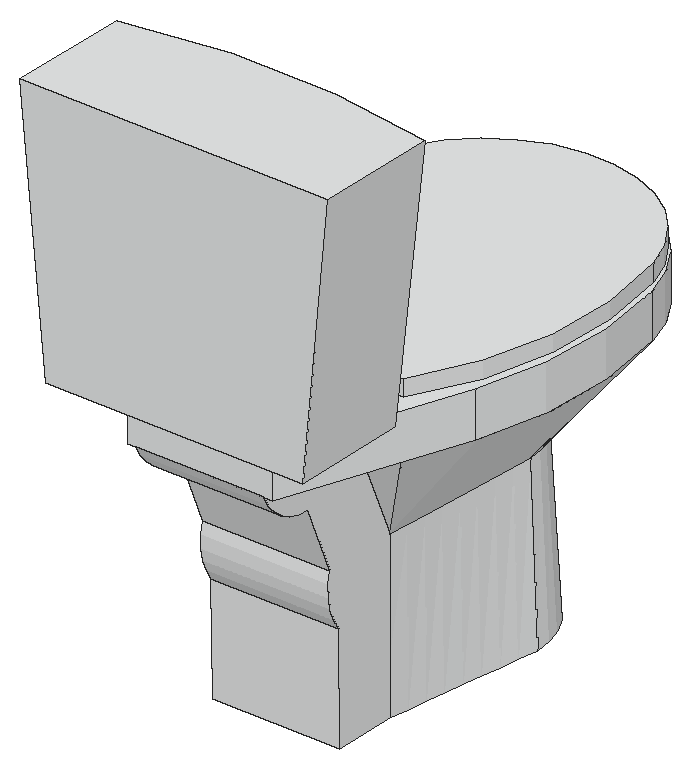
Revit family "Bacia_Com_Caixa", category Plumbing Fixtures, host Wall, Revit 2025
Family settings
  Host = Wall
  Round Connector Dimension = Use Diameter
  Part Type = Normal
  OmniClass Number = 23.45.00.00
  OmniClass Title = Sanitary, Laundry, and Cleaning Equipment
  Enable Cutting in Views = No
  Always vertical = Yes
  Cut with Voids When Loaded = No
  Maintain Annotation Orientation = No
  Shared = No
  Room Calculation Point = Yes
Parameters
  Desloca_Esgoto = 327 mm
  Desloca_Conexão_Agua = 150 mm
  Default Elevation = 0 mm
  Caixa = CT_Louças_Brancas
  Bacia = CT_Louças_Brancas
  Altura_Conexão_Agua = 150 mm
Reference planes
  plane 1: y = 0
  plane 2 "Center (Left/Right)": x = 125
  plane 3 "FaceParede": y = 50
  plane 4: y = 375
Text (mm)
  text "Placement side" at (-1787.139, 592.35, 0), in view "Ref. Level"
  text "Placement side" at (0, 1827.695, 2917.686), in view "Left"
  text "Placement side" at (0, 562.268, 3853.606), in view "Right"
Dimensions and locks
  locked: plane 3 "FaceParede" to host wall
  "Altura_Conexão_Agua": level to connector elem
  "Desloca_Conexão_Agua": connector elem to plane 2 "Center (Left/Right)"
  locked: connector elem to plane 2 "Center (Left/Right)"
  "Desloca_Esgoto": connector elem to host wall
  aligned and locked: plane 1 to host wall
  aligned and locked: nested 1 to plane 2 "Center (Left/Right)"
  aligned and locked: nested 1 to level
Nested families
  nested 1: "bacia com caixa acoplada" at (125, 50, 0) x (-1, 0, 0) z (0, 1, 0), type "Bacia com Caixa Acoplada"
  nested 2: "assento" at (125, 260.625, 380) x (-1, 0, 0) z (0, 1, 0), type "Assento"
  nested 3: "caixa" at (120, 60, 380) x (-1, 0, 0) z (0, 1, 0), type "caixa"
    with Caixa CT_Louças_Brancas
Connectors
  piping at (275, 50, 150), diameter 15
    settings: on plane 3 "FaceParede", index 5, connector inside diameter 609.6 mm, connector length 0 mm, flow factor 0, pipe flow 0.0 L/s, pressure drop 0.0 Pa, fitting loss kfactor 0, connector angle 0.00°, fixture units 0, engagement length 0 mm, angle of deflection 0.00°, flow configuration 0, flow direction 1, fitting loss method 0, system type 20, joint type 0, gender type 0, connector reference index -1, connector utility 0, adjustable connector no, is connector primary yes, connector description "Alimentação de água"
  piping at (125, 377, 0), diameter 100
    settings: index 6, connector inside diameter 609.6 mm, connector length 0 mm, flow factor 0, pipe flow 0.0 L/s, pressure drop 0.0 Pa, fitting loss kfactor 0, connector angle 0.00°, fixture units 0, engagement length 0 mm, angle of deflection 0.00°, flow configuration 0, flow direction 2, fitting loss method 0, system type 16, joint type 0, gender type 0, connector reference index -1, connector utility 0, adjustable connector no, is connector primary no, connector description "Saída de Esgoto"
Definition of nested family "bacia com caixa acoplada"
  Parameters (values of type "Bacia com Caixa Acoplada")
    WFU = 0
    URL = ""
    Model = ""
    Manufacturer = ""
    Description = ""
    Default Elevation = 0 mm
    Caixa = none
    CWFU = 0
    Bacia = none
    Assembly Code = ""
  Reference planes
    plane 1 "Center (Front/Back)": y = 0
    plane 2: z = 0
    plane 3 "Center (Left/Right)": x = 0
    plane 4 "Top 1": y = 200
    plane 5: y = 0
    plane 6 "Front 2": z = 179.972
    plane 7 "Top 2": y = 380
    plane 8 "Left 1": x = -150
    plane 9 "Top 3": y = 743.012
    plane 10 "Left 2": x = -197.5
    plane 11 "Right 1": x = 197.5
    plane 12 "Front 4": z = 650
    plane 13 "Front 1": z = 10
    plane 14 "Front 3": z = 300
  Forms (mm)
    Extrusion 1, solid
      sketch origin (0, 0, 0) x (1, 0, 0) y (0, 1, 0)
        loop
          line (-360, 880) -> (-360, -168.512) -> (358.293, -168.512) -> (358.293, 880) -> (-360, 880)
      from 0 to -104.332
    Extrusion 2, solid, not visible
      sketch origin (0, 0, 0) x (1, 0, 0) y (0, 1, 0)
        loop
          circle (-150, 200) r 6.35
      from -5.491 to 0
    Blend 3, solid, material <- "Bacia"
      base sketch origin (0, 0, 67.5) x (1, 0, 0) y (0, 0, 1)
        loop
          line (-77.085, 168.189) -> (77.731, 168.189) -> (88.783, 368.189)
          arc (88.783, 368.189) -> (0, 453.826) -> (-88.783, 368.189) r 88.841
          line (-88.783, 368.189) -> (-77.085, 168.189)
      top sketch origin (0, 0, 67.5) x (1, 0, 0) y (0, 0, 1)
        loop
          line (-133.652, 115) -> (133.652, 115)
          arc (133.652, 115) -> (185.439, 274.944) -> (176.577, 442.83) r 462.076
          arc (176.577, 442.83) -> (0, 582.024) -> (-176.577, 442.83) r 181.597
          arc (-176.577, 442.83) -> (-185.439, 274.944) -> (-133.652, 115) r 462.076
      from -200 to -325
    Extrusion 4, solid, material <- "Bacia"
      sketch origin (0, 0, 65) x (1, 0, 0) y (0, 0, 1)
        loop
          line (-88.302, -21.612) -> (88.302, -21.612) -> (165.51, 190.929)
          arc (165.51, 190.929) -> (188.914, 317.352) -> (176.577, 445.33) r 462.076
          arc (176.577, 445.33) -> (0, 584.524) -> (-176.577, 445.33) r 181.597
          arc (-176.577, 445.33) -> (-188.914, 317.352) -> (-165.51, 190.929) r 462.076
          line (-165.51, 190.929) -> (-88.302, -21.612)
      from -380 to -325
    Extrusion 5, solid, material <- "Bacia"
      sketch origin (0, 0, 65) x (0, 1, 0) y (0, 0, 1)
        loop
          line (0, 95) -> (131.286, 92.337)
          arc (131.286, 92.337) -> (164.162, 78.039) -> (200, 78.98) r 82.785
          line (200, 78.98) -> (281.246, 46.155)
          arc (281.246, 46.155) -> (292.573, 5.459) -> (325, -21.612) r 71.045
          line (325, -21.612) -> (325, 117.5) -> (200, 170.689) -> (0, 170.689) -> (0, 95)
      from -77.102 to 77.652
    Blend 6, solid, material <- "Bacia"
      base sketch origin (0, 0, 65) x (1, 0, 0) y (0, 0, 1)
        loop
          line (77.731, 170.689) -> (105.192, 359.531)
          arc (105.192, 359.531) -> (0, 464.722) -> (-105.192, 359.531) r 105.192
          line (-105.192, 359.531) -> (-77.085, 170.689) -> (77.731, 170.689)
      top sketch origin (0, 0, 65) x (1, 0, 0) y (0, 0, 1)
        loop
          line (-77.085, 170.689) -> (77.731, 170.689) -> (88.783, 370.689)
          arc (88.783, 370.689) -> (0, 456.326) -> (-88.783, 370.689) r 88.841
          line (-88.783, 370.689) -> (-77.085, 170.689)
      from 0 to -200
    Extrusion 7, solid, material <- "Bacia", not visible
      sketch origin (0, 0, 0) x (1, 0, 0) y (0, 0, 1)
        loop
          circle (0, 300) r 50
      from 0 to -10.753
  Cuts and joins
    joined: Extrusion 5, Blend 6
  Lines and regions (mm)
    Masking region 1
      outline origin (0, -1000, 65) x (0, 1, 0) y (0, 0, 1)
        loop
          line (1000, 83.617) -> (1089.643, 83.617)
          arc (1089.643, 83.617) -> (1100.346, 84.44) -> (1110.798, 86.89) r 69.997
          arc (1110.798, 86.89) -> (1115.35, 88.664) -> (1119.636, 91.01) r 37.833
          arc (1119.636, 91.01) -> (1126.997, 93.148) -> (1134.358, 91.009) r 13.737
          arc (1134.358, 91.009) -> (1138.854, 87.942) -> (1143.409, 84.965) r 274.141
          arc (1143.409, 84.965) -> (1172.285, 73.876) -> (1203.192, 75.045) r 76.995
          arc (1203.192, 75.045) -> (1204.332, 75.155) -> (1205.457, 74.938) r 4
          line (1205.457, 74.938) -> (1288.231, 42.957)
          arc (1288.231, 42.957) -> (1290.404, 40.996) -> (1290.713, 38.086) r 4.094
          arc (1290.713, 38.086) -> (1301.753, -9.653) -> (1344.759, -33.135) r 59.833
          line (1344.759, -33.135) -> (1356.478, -33.712)
          arc (1356.478, -33.712) -> (1357.184, -33.799) -> (1357.869, -33.986) r 4.911
          line (1357.869, -33.986) -> (1374.738, -34.87)
          arc (1374.738, -34.87) -> (1378.138, -33.798) -> (1380, -30.759) r 5.089
          line (1380, -30.759) -> (1380, -39.352)
          arc (1380, -39.352) -> (1384.393, -49.959) -> (1395, -54.352) r 15
          line (1395, -54.352) -> (1702, -54.352)
          arc (1702, -54.352) -> (1704.179, -53.414) -> (1705.005, -51.186) r 3
          arc (1705.005, -51.186) -> (1706.055, -53.304) -> (1708.314, -54.004) r 3
          line (1708.314, -54.004) -> (1724.684, -52.283)
          arc (1724.684, -52.283) -> (1734.012, -47.625) -> (1738.102, -38.034) r 15.109
          arc (1738.102, -38.034) -> (1739.208, -14.467) -> (1739.843, 9.117) r 1181.252
          line (1739.843, 9.117) -> (1743.012, 9.117) -> (1743.012, 49.117) -> (1739.843, 49.117)
          arc (1739.843, 49.117) -> (1739.139, 74.511) -> (1737.89, 99.884) r 1181.252
          arc (1737.89, 99.884) -> (1733.758, 109.353) -> (1724.484, 113.904) r 15.001
          line (1724.484, 113.904) -> (1708.314, 115.604)
          arc (1708.314, 115.604) -> (1705.993, 114.85) -> (1705, 112.62) r 3
          line (1705, 112.62) -> (1705, 103.889)
          arc (1705, 103.889) -> (1704.137, 105.995) -> (1702.043, 106.889) r 3
          arc (1702.043, 106.889) -> (1547.993, 103.248) -> (1394.086, 95.688) r 6057.139
          arc (1394.086, 95.688) -> (1384.125, 91.563) -> (1379.999, 81.602) r 14.087
          line (1379.999, 81.602) -> (1379.999, 578.13)
          arc (1379.999, 578.13) -> (1379.603, 579.997) -> (1378.536, 581.58) r 5
          line (1378.536, 581.58) -> (1376.556, 583.561)
          arc (1376.556, 583.561) -> (1374.821, 584.679) -> (1372.782, 585) r 5
          line (1372.782, 585) -> (1327.409, 582.622)
          arc (1327.409, 582.622) -> (1325.614, 581.87) -> (1324.659, 580.175) r 3.001
          line (1324.659, 580.175) -> (1323.546, 573.864)
          arc (1323.546, 573.864) -> (1323.145, 572.811) -> (1322.384, 571.98) r 3
          line (1322.384, 571.98) -> (1315.324, 566.835)
          arc (1315.324, 566.835) -> (1270.818, 528.245) -> (1232.462, 483.537) r 400.003
          arc (1232.462, 483.537) -> (1230.577, 480.959) -> (1228.713, 478.366) r 400
          arc (1228.713, 478.366) -> (1215.458, 463.894) -> (1198.352, 454.277) r 62.136
          arc (1198.352, 454.277) -> (1181.419, 449.381) -> (1163.793, 449.455) r 61.918
          line (1163.793, 449.455) -> (1000, 468.117) -> (1000, 83.617)
    Masking region 2
      outline origin (0, 0, 179.972) x (1, 0, 0) y (0, 1, 0)
        loop
          arc (155.578, 393.059) -> (173.252, 547.202) -> (186.522, 701.786) r 5438.952
          arc (186.522, 701.786) -> (185.725, 704.044) -> (183.53, 705) r 3
          line (183.53, 705) -> (194.576, 705)
          arc (194.576, 705) -> (196.806, 705.993) -> (197.56, 708.314) r 3
          line (197.56, 708.314) -> (196.334, 719.973)
          arc (196.334, 719.973) -> (192.087, 728.948) -> (183.165, 733.303) r 15
          arc (183.165, 733.303) -> (101.636, 737.94) -> (20, 739.929) r 2516.009
          line (20, 739.929) -> (20, 743.012) -> (-20, 743.012) -> (-20, 739.931)
          arc (-20, 739.931) -> (-100.835, 737.981) -> (-181.567, 733.434) r 2516.009
          arc (-181.567, 733.434) -> (-190.989, 729.282) -> (-195.515, 720.033) r 15
          line (-195.515, 720.033) -> (-196.746, 708.314)
          arc (-196.746, 708.314) -> (-195.992, 705.993) -> (-193.763, 705) r 3
          line (-193.763, 705) -> (-184.068, 705)
          arc (-184.068, 705) -> (-186.269, 704.039) -> (-187.06, 701.772) r 3
          arc (-187.06, 701.772) -> (-173.302, 547.237) -> (-155.623, 393.102) r 6106.209
          arc (-155.623, 393.102) -> (-150.656, 383.742) -> (-140.743, 380) r 15
          line (-140.743, 380) -> (-181.066, 380)
          arc (-181.066, 380) -> (-182.779, 379.528) -> (-184.255, 378.539) r 5.554
          arc (-184.255, 378.539) -> (-185.234, 377.558) -> (-186.224, 376.57) r 593.562
          arc (-186.224, 376.57) -> (-187.365, 374.817) -> (-187.689, 372.75) r 5
          line (-187.689, 372.75) -> (-185.312, 327.406)
          arc (-185.312, 327.406) -> (-184.568, 325.61) -> (-182.879, 324.648) r 3
          arc (-182.879, 324.648) -> (-179.83, 324.105) -> (-176.794, 323.579) r 669.748
          arc (-176.794, 323.579) -> (-175.543, 323.054) -> (-174.651, 322.031) r 3
          arc (-174.651, 322.031) -> (-139.574, 267.717) -> (-96.715, 219.306) r 428.02
          arc (-96.715, 219.306) -> (-80.783, 194.863) -> (-76.267, 166.037) r 69.615
          line (-76.267, 166.037) -> (-95.192, 0) -> (95, 0) -> (76.075, 166.037)
          arc (76.075, 166.037) -> (80.59, 194.863) -> (96.523, 219.306) r 69.615
          arc (96.523, 219.306) -> (139.381, 267.717) -> (174.458, 322.031) r 428.02
          arc (174.458, 322.031) -> (175.35, 323.054) -> (176.602, 323.579) r 3
          arc (176.602, 323.579) -> (179.637, 324.105) -> (182.686, 324.648) r 669.748
          arc (182.686, 324.648) -> (184.375, 325.61) -> (185.12, 327.406) r 3
          line (185.12, 327.406) -> (187.496, 372.75)
          arc (187.496, 372.75) -> (187.172, 374.817) -> (186.031, 376.57) r 5
          arc (186.031, 376.57) -> (185.041, 377.558) -> (184.063, 378.539) r 593.562
          arc (184.063, 378.539) -> (182.587, 379.528) -> (180.874, 380) r 5.554
          line (180.874, 380) -> (140.551, 380)
          arc (140.551, 380) -> (150.455, 383.735) -> (155.427, 393.079) r 15
    Masking region 3
      outline origin (0, 200, 0) x (0, 0, 1) y (-1, 0, 0)
        loop
          arc (10.001, -162.6) -> (20.174, -187.163) -> (44.735, -197.342) r 34.742
          line (44.735, -197.342) -> (111.137, -197.358)
          arc (111.137, -197.358) -> (144.424, -185.807) -> (163.387, -156.111) r 53.701
          arc (163.387, -156.111) -> (164.716, -148.856) -> (165.981, -141.591) r 832.903
          line (165.981, -141.591) -> (328.613, -176.787)
          arc (328.613, -176.787) -> (354.757, -181.877) -> (381.09, -185.875) r 639.802
          arc (381.09, -185.875) -> (477.704, -184.405) -> (570.981, -159.188) r 389.344
          arc (570.981, -159.188) -> (592.976, -144.656) -> (610.428, -124.897) r 100.358
          arc (610.428, -124.897) -> (648.272, -3.946) -> (614.002, 118.066) r 222.696
          arc (614.002, 118.066) -> (595.485, 141.292) -> (570.981, 158.081) r 100.358
          arc (570.981, 158.081) -> (477.704, 183.298) -> (381.09, 184.768) r 389.344
          arc (381.09, 184.768) -> (354.757, 180.77) -> (328.613, 175.68) r 639.802
          line (328.613, 175.68) -> (165.811, 140.447)
          arc (165.811, 140.447) -> (164.24, 149.417) -> (162.571, 158.37) r 832.903
          arc (162.571, 158.37) -> (143.253, 186.404) -> (110.961, 197.189) r 53.701
          line (110.961, 197.189) -> (44.735, 197.173)
          arc (44.735, 197.173) -> (20.174, 186.994) -> (10.001, 162.43) r 34.742
          line (10.001, 162.43) -> (10.001, -162.6)
    symbolic lines
      curve 1: line (0, 380, 145.716) -> (0, 380, 35.648)
      curve 2: line (0, 705, 168.98) -> (0, 705, 13.98)
      curve 3: line (0, 67.98, 370.59) -> (0, 21.584, 366.557)
      curve 4: line (0, 35.078, 363.574) -> (0, 35.078, 354.298)
      curve 5: line (0, 290.808, 104.72) -> (0, 332.644, 241.559)
      curve 6: line (0, 362.026, 192.741) -> (0, 362.795, 91.146)
      curve 7: line (0, 327.452, 647.625) -> (0, 327.452, 332.625)
      curve 8: line (0, 739.843, 114.117) -> (0, 739.843, 74.117)
      curve 9: arc (0, 332.644, 241.559) -> (0, 331.92, 244.323) -> (0, 329.57, 245.95) r 4.115
      curve 10: line (0, 329.57, 245.95) -> (0, 324.5, 247.29)
      curve 11: arc (0, 324.5, 247.29) -> (0, 323.385, 247.738) -> (0, 322.415, 248.446) r 4.863
      curve 12: arc (0, 322.415, 248.446) -> (0, 278.084, 285.069) -> (0, 231.824, 319.223) r 1055.536
      curve 13: arc (0, 172.233, 360.523) -> (0, 149.558, 372.954) -> (0, 124.198, 378.007) r 85.159
      curve 14: line (0, 172.233, 360.523) -> (0, 231.824, 319.223)
      curve 15: arc (0, 35.078, 363.574) -> (0, 35.921, 366.558) -> (0, 38.646, 368.04) r 3.996
      curve 16: arc (0, 39.048, 354.298) -> (0, 68.923, 337.403) -> (0, 83.693, 306.422) r 57.033
      curve 17: arc (0, 83.693, 306.422) -> (0, 88.997, 266.802) -> (0, 91.227, 226.89) r 517.582
      curve 18: arc (0, 91.227, 226.89) -> (0, 91.519, 226.553) -> (0, 91.961, 226.5) r 0.618
      curve 19: arc (0, 91.961, 226.5) -> (0, 94.283, 227.599) -> (0, 96.482, 228.928) r 25.33
      curve 20: arc (0, 96.482, 228.928) -> (0, 110.983, 234.835) -> (0, 126.519, 236.774) r 59.786
      curve 21: arc (0, 108.217, 287.466) -> (0, 81.424, 325.834) -> (0, 67.661, 370.562) r 151.049
      curve 22: arc (0, 108.217, 287.466) -> (0, 146.335, 251.375) -> (0, 187.712, 219.07) r 551.591
      curve 23: arc (0, 183.779, 215.042) -> (0, 167.805, 225.909) -> (0, 150.062, 233.55) r 101.468
      curve 24: arc (0, 150.062, 233.55) -> (0, 138.379, 235.811) -> (0, 126.519, 236.774) r 108.093
      curve 25: line (0, 35.078, 354.298) -> (0, 39.048, 354.298)
      curve 26: arc (0, 21.584, 366.557) -> (0, 21.468, 262.774) -> (0, 25.206, 159.06) r 2793.795
      curve 27: arc (0, 25.206, 159.06) -> (0, 28.176, 151.89) -> (0, 35.345, 148.921) r 10.139
      curve 28: line (0, 149.141, 373.105) -> (0, 148.186, 369.539)
      curve 29: arc (0, 148.186, 369.539) -> (0, 157.446, 352.651) -> (0, 171.592, 339.58) r 59.834
      curve 30: arc (0, 171.592, 339.58) -> (0, 200.888, 313.864) -> (0, 228.928, 286.785) r 820.105
      curve 31: arc (0, 228.928, 286.785) -> (0, 251.391, 256.777) -> (0, 264.935, 221.825) r 137.775
      curve 32: arc (0, 264.935, 221.825) -> (0, 251.084, 169.341) -> (0, 205.457, 139.938) r 75.021
      curve 33: arc (0, 344.986, 193.479) -> (0, 340.623, 189.117) -> (0, 344.986, 184.754) r 4.363
      curve 34: arc (0, 359.127, 193.479) -> (0, 360.614, 193.259) -> (0, 362.026, 192.741) r 7.362
      curve 35: arc (0, 359.288, 184.754) -> (0, 360.715, 184.98) -> (0, 362.081, 185.453) r 8.233
      curve 36: arc (0, 359.589, 128.5) -> (0, 361.12, 128.206) -> (0, 362.52, 127.519) r 5.872
      curve 37: arc (0, 359.743, 119.733) -> (0, 361.212, 120.036) -> (0, 362.572, 120.67) r 6.435
      curve 38: arc (0, 337.699, 128.5) -> (0, 332.849, 124.117) -> (0, 337.699, 119.733) r 4.406
      curve 39: arc (0, 362.795, 91.146) -> (0, 362.747, 63.394) -> (0, 362.181, 35.648) r 1489.012
      curve 40: arc (0, 362.181, 35.648) -> (0, 363.556, 32.329) -> (0, 366.876, 30.954) r 4.694
      curve 41: arc (0, 67.98, 370.59) -> (0, 69.846, 371.851) -> (0, 72.01, 372.47) r 7.164
      curve 42: arc (0, 72.01, 372.47) -> (0, 98.011, 376.113) -> (0, 124.198, 378.007) r 391.839
      curve 43: line (0, 359.127, 193.479) -> (0, 344.986, 193.479)
      curve 44: line (0, 344.986, 184.754) -> (0, 359.288, 184.754)
      curve 45: line (0, 359.589, 128.5) -> (0, 337.699, 128.5)
      curve 46: line (0, 359.743, 119.733) -> (0, 337.699, 119.733)
      curve 47: arc (0, 189.587, 216.64) -> (0, 188.8, 214.74) -> (0, 186.899, 213.952) r 2.688
      curve 48: arc (0, 187.712, 219.07) -> (0, 188.832, 217.996) -> (0, 189.587, 216.64) r 5.221
      curve 49: arc (0, 183.779, 215.042) -> (0, 185.247, 214.233) -> (0, 186.899, 213.952) r 5.012
      curve 50: circle (-0.065, 0, 93.469) r 18 normal (0, -1, 0)
      curve 51: circle (-0.065, 0, 93.469) r 20 normal (0, -1, 0)
      curve 52: circle (-0.065, 0, 93.469) r 17 normal (0, -1, 0)
      curve 53: line (183.53, 705, 0) -> (-184.068, 705, 0)
      curve 54: arc (-20, 739.931, 0) -> (0.018, 739.844, 0) -> (20.035, 739.931, 0) r 2298.24
      curve 55: line (140.704, 380, 0) -> (-140.743, 380, 0)
      curve 56: line (-182.878, 324.647, 0) -> (182.648, 324.647, 0)
      curve 57: arc (-141.21, 0, 165.733) -> (0, 0, 177.708) -> (141.233, 0, 165.997) r 847.858
  Dimensions and locks
    plane 9 "Top 3" to plane 7 "Top 2" to plane 5 = 363.012 mm, 380 mm
    plane 12 "Front 4" to plane 13 "Front 1" to level = 640 mm, 10 mm  (x2)
    plane 6 "Front 2" to plane 13 "Front 1" = 169.972 mm  (x2)
    plane 5 to plane 7 "Top 2" = 380 mm
    plane 10 "Left 2" to plane 11 "Right 1" = 395 mm  (x2)
    plane 7 "Top 2" to plane 9 "Top 3" = 363.012 mm
    plane 5 to plane 9 "Top 3" = 743.012 mm
    plane 9 "Top 3" to plane 1 "Center (Front/Back)" = 743.012 mm
    aligned and locked: Extrusion 1 to plane 2
    aligned and locked: level to Extrusion 1
  Nested families
    nested 1: "assento" at (0, 380, 210.625), type "Assento"
    nested 2: "caixa" at (5, 380, 10), Caixa <- "Caixa", type "caixa"
      with Caixa none
  Connectors
    piping at (-150, 200, 0), diameter 15, driven by "CWFU"
      settings: on Extrusion 2, index 2, connector inside diameter 15 mm, connector length 0 mm, flow factor 0, pipe flow 0.0 L/s, pressure drop 0.0 Pa, fitting loss kfactor 0, connector angle 0.00°, fixture units 0, engagement length 0 mm, angle of deflection 0.00°, flow configuration 3, flow direction 1, fitting loss method 4, system type 20, joint type 0, gender type 0, connector reference index -1, connector utility 0, adjustable connector no, is connector primary yes, connector description ""
    piping at (0, 0, 300), diameter 100, driven by "WFU"
      settings: on Extrusion 7, index 3, connector inside diameter 100 mm, connector length 0 mm, flow factor 0, pipe flow 0.0 L/s, pressure drop 0.0 Pa, fitting loss kfactor 0, connector angle 0.00°, fixture units 0, engagement length 0 mm, angle of deflection 0.00°, flow configuration 3, flow direction 2, fitting loss method 0, system type 16, joint type 0, gender type 0, connector reference index -1, connector utility 0, adjustable connector no, is connector primary no, connector description ""
  Definition of nested family "assento"
    Parameters (values of type "Assento")
      URL = ""
      Model = ""
      Manufacturer = ""
      Description = ""
      Default Elevation = 0 mm
      Atendimento ao Cliente = ""
      Assento = none
      Assembly Code = ""
    Reference planes
      plane 1 "Center (Front/Back)": y = 0
      plane 2: z = 0
      plane 3 "Center (Left/Right)": x = 0
    Forms (mm)
      Extrusion 1, solid, material <- "Assento"
        sketch origin (0, -382.238, -138.906) x (1, 0, 0) y (0, 0, 1)
          loop
            arc (122.54, 128.75) -> (178.722, 285.53) -> (167.395, 451.687) r 406.949
            arc (167.395, 451.687) -> (0, 578.5) -> (-167.395, 451.687) r 173.889
            arc (-167.395, 451.687) -> (-178.722, 285.53) -> (-122.54, 128.75) r 406.949
            line (-122.54, 128.75) -> (122.54, 128.75)
        from -403.303 to -383.023
    Lines and regions (mm)
      Masking region 1
        outline origin (0, 0, -15) x (1, 0, 0) y (0, 0, 1)
          loop
            line (-64.536, 11.325) -> (64.536, 11.325)
            arc (64.536, 11.325) -> (75.729, 4.831) -> (86.677, 11.731) r 12.5
            arc (86.677, 11.731) -> (105.018, 20.204) -> (120.903, 32.687) r 86.806
            arc (120.903, 32.687) -> (162.46, 91.144) -> (182.124, 160.118) r 211.806
            arc (182.124, 160.118) -> (185.468, 223.611) -> (181.892, 287.09) r 584.258
            arc (181.892, 287.09) -> (174.182, 328.068) -> (160.412, 367.425) r 277.171
            arc (160.412, 367.425) -> (118.628, 421.425) -> (56.253, 449.197) r 139.805
            arc (56.253, 449.197) -> (28.23, 452.896) -> (0, 454.32) r 349.806
            arc (0, 454.32) -> (-28.23, 452.896) -> (-56.253, 449.197) r 349.806
            arc (-56.253, 449.197) -> (-118.628, 421.425) -> (-160.412, 367.425) r 139.805
            arc (-160.412, 367.425) -> (-174.182, 328.068) -> (-181.892, 287.09) r 277.171
            arc (-181.892, 287.09) -> (-185.468, 223.611) -> (-182.124, 160.118) r 584.258
            arc (-182.124, 160.118) -> (-162.46, 91.144) -> (-120.903, 32.687) r 211.806
            arc (-120.903, 32.687) -> (-105.018, 20.204) -> (-86.677, 11.731) r 86.806
            arc (-86.677, 11.731) -> (-75.729, 4.831) -> (-64.536, 11.325) r 12.5
      Masking region 2
        outline origin (0, -749.901, -215.894) x (0, 0, -1) y (0, 1, 0)
          loop
            arc (-637.514, 782.849) -> (-641.802, 780.516) -> (-643.523, 775.948) r 7
            line (-643.523, 775.948) -> (-643.523, 775.078)
            arc (-643.523, 775.078) -> (-634.644, 773.972) -> (-625.708, 773.519) r 122.142
            arc (-625.708, 773.519) -> (-634.469, 772.879) -> (-643.132, 771.425) r 94.053
            arc (-643.132, 771.425) -> (-651.24, 766.629) -> (-654.864, 757.932) r 14.925
            line (-654.864, 757.932) -> (-655.275, 751.216)
            arc (-655.275, 751.216) -> (-655.14, 750.843) -> (-654.776, 750.685) r 0.5
            line (-654.776, 750.685) -> (-230.784, 750.685) -> (-230.784, 749.901) -> (-205.784, 749.901) -> (-205.784, 751.067)
            arc (-205.784, 751.067) -> (-208.448, 752.689) -> (-211.319, 753.909) r 21.531
            arc (-211.319, 753.909) -> (-212.239, 754.201) -> (-213.17, 754.451) r 21.531
            arc (-213.17, 754.451) -> (-212.039, 764.695) -> (-216.269, 774.093) r 19.571
            arc (-216.269, 774.093) -> (-217.677, 777.888) -> (-219.284, 781.604) r 76.149
            line (-219.284, 781.604) -> (-219.284, 784.36)
            arc (-219.284, 784.36) -> (-221.091, 789.053) -> (-225.579, 791.324) r 7
            arc (-225.579, 791.324) -> (-431.804, 799.612) -> (-637.514, 782.849) r 1700
      Masking region 3
        outline origin (0, 0.785, 462.18) x (-1, 0, 0) y (0, -1, 0)
          loop
            arc (184.938, 0) -> (185.304, -0.159) -> (185.438, -0.536) r 0.5
            line (185.438, -0.536) -> (184.841, -10.285)
            arc (184.841, -10.285) -> (181.982, -18.184) -> (175.298, -23.274) r 14.876
            arc (175.298, -23.274) -> (175.737, -23.351) -> (176.132, -23.559) r 1.448
            line (176.132, -23.559) -> (176.132, -28.392)
            arc (176.132, -28.392) -> (174.144, -33.163) -> (169.577, -35.582) r 7.652
            arc (169.577, -35.582) -> (114.891, -42.405) -> (59.992, -47.215) r 1500.329
            arc (59.992, -47.215) -> (-0.031, -49.287) -> (-60.054, -47.215) r 870.329
            arc (-60.054, -47.215) -> (-114.953, -42.405) -> (-169.638, -35.582) r 1500.329
            arc (-169.638, -35.582) -> (-174.206, -33.163) -> (-176.194, -28.392) r 7.652
            line (-176.194, -28.392) -> (-176.194, -23.559)
            arc (-176.194, -23.559) -> (-175.799, -23.351) -> (-175.36, -23.274) r 1.448
            arc (-175.36, -23.274) -> (-182.043, -18.184) -> (-184.903, -10.285) r 14.876
            line (-184.903, -10.285) -> (-185.499, -0.536)
            arc (-185.499, -0.536) -> (-185.366, -0.159) -> (-185, 0) r 0.5
            line (-185, 0) -> (185, 0)
      symbolic lines
        curve 1: arc (-114.489, 0, 22.69) -> (-154.617, 0, 79.481) -> (-173.11, 0, 146.516) r 202
        curve 2: arc (-172.646, 0, 269.059) -> (-167.129, 0, 300.958) -> (-157.796, 0, 331.956) r 267.358
        curve 3: arc (-54.957, 0, 422.606) -> (-27.579, 0, 426.204) -> (0, 0, 427.569) r 340
        curve 4: arc (-81.624, 0, 3.329) -> (-99.274, 0, 10.942) -> (-114.489, 0, 22.69) r 77
        curve 5: arc (-172.646, 0, 269.059) -> (-176.157, 0, 207.8) -> (-173.11, 0, 146.516) r 574.133
        curve 6: arc (-157.796, 0, 331.956) -> (-119.194, 0, 391.822) -> (-54.957, 0, 422.606) r 130.885
        curve 7: arc (114.489, 0, 22.69) -> (154.617, 0, 79.481) -> (173.11, 0, 146.516) r 202
        curve 8: arc (172.646, 0, 269.059) -> (167.129, 0, 300.958) -> (157.796, 0, 331.956) r 267.358
        curve 9: arc (54.957, 0, 422.606) -> (27.579, 0, 426.204) -> (0, 0, 427.569) r 340
        curve 10: line (-81.624, 0, 3.329) -> (81.624, 0, 3.329)
        curve 11: arc (81.624, 0, 3.329) -> (99.274, 0, 10.942) -> (114.489, 0, 22.69) r 77
        curve 12: arc (172.646, 0, 269.059) -> (176.157, 0, 207.8) -> (173.11, 0, 146.516) r 574.133
        curve 13: arc (157.796, 0, 331.956) -> (119.194, 0, 391.822) -> (54.957, 0, 422.606) r 130.885
        curve 14: line (-64.536, 0, -3.675) -> (-86.677, 0, -3.269)
        curve 15: line (64.536, 0, -3.675) -> (86.677, 0, -3.269)
        curve 16: line (-60.5, 0, -2.982) -> (-60.5, 0, 3.329)
        curve 17: line (-50.5, 0, -2.982) -> (-50.5, 0, 3.329)
        curve 18: line (-50.5, 0, -2.982) -> (-60.5, 0, -2.982)
        curve 19: line (60.5, 0, -2.982) -> (60.5, 0, 3.329)
        curve 20: line (50.5, 0, -2.982) -> (50.5, 0, 3.329)
        curve 21: line (50.5, 0, -2.982) -> (60.5, 0, -2.982)
        curve 22: line (0, 31.703, 3.39) -> (0, 27.984, 3.39)
        curve 23: line (0, 1.166, -10.11) -> (0, 1.166, -2.09)
        curve 24: line (0, 4.613, -2.74) -> (0, 1.166, -2.09)
        curve 25: arc (0, 1.166, -2.09) -> (0, 0.823, -1.812) -> (0, 0.785, -1.373) r 0.566
        curve 26: line (0, 0.785, -1.373) -> (0, 0.785, 14.89)
        curve 27: line (-58.867, 31.731, 0) -> (-59.992, 47.999, 0)
        curve 28: line (60.054, 47.999, 0) -> (58.929, 31.731, 0)
        curve 70: line (0, 23.618, 409.814) -> (0, 27.984, 3.39)
        curve 71: arc (-168.875, 36.232, 0) -> (-114.038, 29.906, 0) -> (-58.867, 31.731, 0) r 373.492
        curve 72: arc (-58.867, 31.731, 0) -> (0.031, 33.412, 0) -> (58.929, 31.731, 0) r 1032.662
        curve 73: arc (168.875, 36.232, 0) -> (114.038, 29.906, 0) -> (58.867, 31.731, 0) r 373.492
        curve 74: line (-175.298, 24.058, 0) -> (175.36, 24.058, 0)
      symbolic lines, not visible
        curve 29: arc (44.697, 0, 382.209) -> (-0.045, 0, 391.224) -> (-44.787, 0, 382.209) r 115.534
        curve 30: arc (44.697, 0, 382.209) -> (85.799, 0, 355.191) -> (116.965, 0, 317.138) r 162.927
        curve 31: arc (116.965, 0, 317.138) -> (133.516, 0, 279.644) -> (140.761, 0, 239.304) r 172.615
        curve 32: arc (140.761, 0, 239.304) -> (141.939, 0, 198.796) -> (136.533, 0, 158.634) r 249.132
        curve 33: arc (136.533, 0, 158.634) -> (103.148, 0, 97.844) -> (44.834, 0, 60.299) r 141.123
        curve 34: arc (44.834, 0, 60.299) -> (24.979, 0, 55.206) -> (4.596, 0, 53.042) r 141.152
        curve 35: arc (-44.787, 0, 382.209) -> (-85.889, 0, 355.191) -> (-117.055, 0, 317.138) r 162.927
        curve 36: arc (-117.055, 0, 317.138) -> (-133.606, 0, 279.644) -> (-140.851, 0, 239.304) r 172.615
        curve 37: arc (-140.851, 0, 239.304) -> (-142.029, 0, 198.796) -> (-136.624, 0, 158.634) r 249.132
        curve 38: arc (-136.624, 0, 158.634) -> (-84.536, 0, 81.067) -> (4.596, 0, 53.042) r 141.123
        curve 39: arc (-46.358, 0, 373.331) -> (-0.045, 0, 383.919) -> (46.267, 0, 373.331) r 106.583
        curve 40: arc (46.267, 0, 373.331) -> (82.734, 0, 347.913) -> (109.41, 0, 312.355) r 140.184
        curve 41: arc (109.41, 0, 312.355) -> (124.152, 0, 274.245) -> (129.791, 0, 233.773) r 177.563
        curve 42: arc (46.157, 0, 77.727) -> (-0.045, 0, 69.166) -> (-46.247, 0, 77.727) r 128.947
        curve 43: arc (46.157, 0, 77.727) -> (100.175, 0, 116.954) -> (127.364, 0, 177.925) r 129.049
        curve 44: arc (129.791, 0, 233.773) -> (129.844, 0, 205.794) -> (127.364, 0, 177.925) r 308.71
        curve 45: arc (-46.358, 0, 373.331) -> (-82.825, 0, 347.913) -> (-109.5, 0, 312.355) r 140.184
        curve 46: arc (-109.5, 0, 312.355) -> (-124.242, 0, 274.245) -> (-129.882, 0, 233.773) r 177.563
        curve 47: arc (-46.247, 0, 77.727) -> (-100.265, 0, 116.954) -> (-127.454, 0, 177.925) r 129.049
        curve 48: arc (-129.882, 0, 233.773) -> (-129.935, 0, 205.794) -> (-127.454, 0, 177.925) r 308.71
        curve 49: arc (-67.045, 0, 1.892) -> (-75.045, 0, 9.892) -> (-83.045, 0, 1.892) r 8
        curve 50: arc (-83.045, 0, 1.892) -> (-75.045, 0, -6.108) -> (-67.045, 0, 1.892) r 8
        curve 51: arc (82.955, 0, 1.892) -> (74.955, 0, 9.892) -> (66.955, 0, 1.892) r 8
        curve 52: arc (66.955, 0, 1.892) -> (74.955, 0, -6.108) -> (82.955, 0, 1.892) r 8
        curve 53: arc (-51.868, 0, 255.807) -> (-47.006, 0, 264.646) -> (-39.146, 0, 270.969) r 26.001
        curve 54: arc (-39.146, 0, 270.969) -> (0.144, 0, 276.388) -> (39.4, 0, 270.734) r 142.065
        curve 55: arc (50.717, 0, 258.373) -> (46.081, 0, 265.49) -> (39.4, 0, 270.734) r 26.001
        curve 56: arc (-51.868, 0, 255.807) -> (-54.895, 0, 225.605) -> (-56.101, 0, 195.276) r 504.587
        curve 57: arc (50.717, 0, 258.373) -> (53.994, 0, 226.896) -> (55.291, 0, 195.276) r 504.587
        curve 58: arc (-56.101, 0, 195.276) -> (-52.773, 0, 185.058) -> (-43.946, 0, 178.93) r 16.85
        curve 59: arc (55.291, 0, 195.276) -> (50.504, 0, 183.717) -> (38.946, 0, 178.93) r 16.346
        curve 60: arc (38.946, 0, 178.93) -> (-2.5, 0, 173.627) -> (-43.946, 0, 178.93) r 164.605
        curve 61: arc (-141.21, 0, -44.892) -> (0, 0, -32.917) -> (141.233, 0, -44.628) r 847.858
        curve 62: arc (-174.441, 0, 159.838) -> (-176.673, 0, 236.825) -> (-161.106, 0, 312.254) r 332.01
        curve 63: arc (-161.106, 0, 312.254) -> (-99.257, 0, 396.882) -> (0.341, 0, 429.552) r 171.079
        curve 64: arc (176.474, 0, 170.218) -> (176.857, 0, 242.035) -> (161.788, 0, 312.254) r 332.01
        curve 65: arc (161.788, 0, 312.254) -> (99.939, 0, 396.882) -> (0.341, 0, 429.552) r 171.079
        curve 66: line (161.273, 0, 92.593) -> (131.783, 0, -43.345)
        curve 67: line (-161.273, 0, 92.593) -> (-131.783, 0, -43.345)
        curve 68: line (-161.273, 0, 92.593) -> (-174.441, 0, 159.838)
        curve 69: line (161.273, 0, 92.593) -> (176.474, 0, 170.218)
  Definition of nested family "caixa"
    Parameters (values of type "caixa")
      URL = ""
      Model = ""
      Manufacturer = ""
      Description = ""
      Default Elevation = 0 mm
      Caixa [instance] = none
      Assembly Code = ""
    Reference planes
      plane 1 "Center (Front/Back)": y = 0
      plane 2: z = 0
      plane 3 "Center (Left/Right)": x = 0
    Forms (mm)
      Blend 1, solid, material <- "Caixa"
        base sketch origin (0, 0, 0) x (1, 0, 0) y (0, 0, -1)
          loop
            line (-187.263, 0) -> (-187.263, -146.391)
            arc (-187.263, -146.391) -> (0, -167.499) -> (187.263, -146.391) r 841.243
            line (187.263, -146.391) -> (187.263, 0) -> (-187.263, 0)
        top sketch origin (0, 0, 0) x (1, 0, 0) y (0, 0, -1)
          loop
            line (-156.041, 0) -> (-156.041, -140.537)
            arc (-156.041, -140.537) -> (0, -155.775) -> (156.041, -140.537) r 806.594
            line (156.041, -140.537) -> (156.041, 0) -> (-156.041, 0)
        from 320 to 0
Definition of nested family "assento"
  Parameters (values of type "Assento")
    URL = ""
    Model = ""
    Manufacturer = ""
    Description = ""
    Default Elevation = 0 mm
    Atendimento ao Cliente = ""
    Assento = none
    Assembly Code = ""
  Reference planes
    plane 1 "Center (Front/Back)": y = 0
    plane 2: z = 0
    plane 3 "Center (Left/Right)": x = 0
  Forms (mm)
    Extrusion 1, solid, material <- "Assento"
      sketch origin (0, -382.238, -138.906) x (1, 0, 0) y (0, 0, 1)
        loop
          arc (122.54, 128.75) -> (178.722, 285.53) -> (167.395, 451.687) r 406.949
          arc (167.395, 451.687) -> (0, 578.5) -> (-167.395, 451.687) r 173.889
          arc (-167.395, 451.687) -> (-178.722, 285.53) -> (-122.54, 128.75) r 406.949
          line (-122.54, 128.75) -> (122.54, 128.75)
      from -403.303 to -383.023
  Lines and regions (mm)
    Masking region 1
      outline origin (0, 0, -15) x (1, 0, 0) y (0, 0, 1)
        loop
          line (-64.536, 11.325) -> (64.536, 11.325)
          arc (64.536, 11.325) -> (75.729, 4.831) -> (86.677, 11.731) r 12.5
          arc (86.677, 11.731) -> (105.018, 20.204) -> (120.903, 32.687) r 86.806
          arc (120.903, 32.687) -> (162.46, 91.144) -> (182.124, 160.118) r 211.806
          arc (182.124, 160.118) -> (185.468, 223.611) -> (181.892, 287.09) r 584.258
          arc (181.892, 287.09) -> (174.182, 328.068) -> (160.412, 367.425) r 277.171
          arc (160.412, 367.425) -> (118.628, 421.425) -> (56.253, 449.197) r 139.805
          arc (56.253, 449.197) -> (28.23, 452.896) -> (0, 454.32) r 349.806
          arc (0, 454.32) -> (-28.23, 452.896) -> (-56.253, 449.197) r 349.806
          arc (-56.253, 449.197) -> (-118.628, 421.425) -> (-160.412, 367.425) r 139.805
          arc (-160.412, 367.425) -> (-174.182, 328.068) -> (-181.892, 287.09) r 277.171
          arc (-181.892, 287.09) -> (-185.468, 223.611) -> (-182.124, 160.118) r 584.258
          arc (-182.124, 160.118) -> (-162.46, 91.144) -> (-120.903, 32.687) r 211.806
          arc (-120.903, 32.687) -> (-105.018, 20.204) -> (-86.677, 11.731) r 86.806
          arc (-86.677, 11.731) -> (-75.729, 4.831) -> (-64.536, 11.325) r 12.5
    Masking region 2
      outline origin (0, -749.901, -215.894) x (0, 0, -1) y (0, 1, 0)
        loop
          arc (-637.514, 782.849) -> (-641.802, 780.516) -> (-643.523, 775.948) r 7
          line (-643.523, 775.948) -> (-643.523, 775.078)
          arc (-643.523, 775.078) -> (-634.644, 773.972) -> (-625.708, 773.519) r 122.142
          arc (-625.708, 773.519) -> (-634.469, 772.879) -> (-643.132, 771.425) r 94.053
          arc (-643.132, 771.425) -> (-651.24, 766.629) -> (-654.864, 757.932) r 14.925
          line (-654.864, 757.932) -> (-655.275, 751.216)
          arc (-655.275, 751.216) -> (-655.14, 750.843) -> (-654.776, 750.685) r 0.5
          line (-654.776, 750.685) -> (-230.784, 750.685) -> (-230.784, 749.901) -> (-205.784, 749.901) -> (-205.784, 751.067)
          arc (-205.784, 751.067) -> (-208.448, 752.689) -> (-211.319, 753.909) r 21.531
          arc (-211.319, 753.909) -> (-212.239, 754.201) -> (-213.17, 754.451) r 21.531
          arc (-213.17, 754.451) -> (-212.039, 764.695) -> (-216.269, 774.093) r 19.571
          arc (-216.269, 774.093) -> (-217.677, 777.888) -> (-219.284, 781.604) r 76.149
          line (-219.284, 781.604) -> (-219.284, 784.36)
          arc (-219.284, 784.36) -> (-221.091, 789.053) -> (-225.579, 791.324) r 7
          arc (-225.579, 791.324) -> (-431.804, 799.612) -> (-637.514, 782.849) r 1700
    Masking region 3
      outline origin (0, 0.785, 462.18) x (-1, 0, 0) y (0, -1, 0)
        loop
          arc (184.938, 0) -> (185.304, -0.159) -> (185.438, -0.536) r 0.5
          line (185.438, -0.536) -> (184.841, -10.285)
          arc (184.841, -10.285) -> (181.982, -18.184) -> (175.298, -23.274) r 14.876
          arc (175.298, -23.274) -> (175.737, -23.351) -> (176.132, -23.559) r 1.448
          line (176.132, -23.559) -> (176.132, -28.392)
          arc (176.132, -28.392) -> (174.144, -33.163) -> (169.577, -35.582) r 7.652
          arc (169.577, -35.582) -> (114.891, -42.405) -> (59.992, -47.215) r 1500.329
          arc (59.992, -47.215) -> (-0.031, -49.287) -> (-60.054, -47.215) r 870.329
          arc (-60.054, -47.215) -> (-114.953, -42.405) -> (-169.638, -35.582) r 1500.329
          arc (-169.638, -35.582) -> (-174.206, -33.163) -> (-176.194, -28.392) r 7.652
          line (-176.194, -28.392) -> (-176.194, -23.559)
          arc (-176.194, -23.559) -> (-175.799, -23.351) -> (-175.36, -23.274) r 1.448
          arc (-175.36, -23.274) -> (-182.043, -18.184) -> (-184.903, -10.285) r 14.876
          line (-184.903, -10.285) -> (-185.499, -0.536)
          arc (-185.499, -0.536) -> (-185.366, -0.159) -> (-185, 0) r 0.5
          line (-185, 0) -> (185, 0)
    symbolic lines
      curve 1: arc (-114.489, 0, 22.69) -> (-154.617, 0, 79.481) -> (-173.11, 0, 146.516) r 202
      curve 2: arc (-172.646, 0, 269.059) -> (-167.129, 0, 300.958) -> (-157.796, 0, 331.956) r 267.358
      curve 3: arc (-54.957, 0, 422.606) -> (-27.579, 0, 426.204) -> (0, 0, 427.569) r 340
      curve 4: arc (-81.624, 0, 3.329) -> (-99.274, 0, 10.942) -> (-114.489, 0, 22.69) r 77
      curve 5: arc (-172.646, 0, 269.059) -> (-176.157, 0, 207.8) -> (-173.11, 0, 146.516) r 574.133
      curve 6: arc (-157.796, 0, 331.956) -> (-119.194, 0, 391.822) -> (-54.957, 0, 422.606) r 130.885
      curve 7: arc (114.489, 0, 22.69) -> (154.617, 0, 79.481) -> (173.11, 0, 146.516) r 202
      curve 8: arc (172.646, 0, 269.059) -> (167.129, 0, 300.958) -> (157.796, 0, 331.956) r 267.358
      curve 9: arc (54.957, 0, 422.606) -> (27.579, 0, 426.204) -> (0, 0, 427.569) r 340
      curve 10: line (-81.624, 0, 3.329) -> (81.624, 0, 3.329)
      curve 11: arc (81.624, 0, 3.329) -> (99.274, 0, 10.942) -> (114.489, 0, 22.69) r 77
      curve 12: arc (172.646, 0, 269.059) -> (176.157, 0, 207.8) -> (173.11, 0, 146.516) r 574.133
      curve 13: arc (157.796, 0, 331.956) -> (119.194, 0, 391.822) -> (54.957, 0, 422.606) r 130.885
      curve 14: line (-64.536, 0, -3.675) -> (-86.677, 0, -3.269)
      curve 15: line (64.536, 0, -3.675) -> (86.677, 0, -3.269)
      curve 16: line (-60.5, 0, -2.982) -> (-60.5, 0, 3.329)
      curve 17: line (-50.5, 0, -2.982) -> (-50.5, 0, 3.329)
      curve 18: line (-50.5, 0, -2.982) -> (-60.5, 0, -2.982)
      curve 19: line (60.5, 0, -2.982) -> (60.5, 0, 3.329)
      curve 20: line (50.5, 0, -2.982) -> (50.5, 0, 3.329)
      curve 21: line (50.5, 0, -2.982) -> (60.5, 0, -2.982)
      curve 22: line (0, 31.703, 3.39) -> (0, 27.984, 3.39)
      curve 23: line (0, 1.166, -10.11) -> (0, 1.166, -2.09)
      curve 24: line (0, 4.613, -2.74) -> (0, 1.166, -2.09)
      curve 25: arc (0, 1.166, -2.09) -> (0, 0.823, -1.812) -> (0, 0.785, -1.373) r 0.566
      curve 26: line (0, 0.785, -1.373) -> (0, 0.785, 14.89)
      curve 27: line (-58.867, 31.731, 0) -> (-59.992, 47.999, 0)
      curve 28: line (60.054, 47.999, 0) -> (58.929, 31.731, 0)
      curve 70: line (0, 23.618, 409.814) -> (0, 27.984, 3.39)
      curve 71: arc (-168.875, 36.232, 0) -> (-114.038, 29.906, 0) -> (-58.867, 31.731, 0) r 373.492
      curve 72: arc (-58.867, 31.731, 0) -> (0.031, 33.412, 0) -> (58.929, 31.731, 0) r 1032.662
      curve 73: arc (168.875, 36.232, 0) -> (114.038, 29.906, 0) -> (58.867, 31.731, 0) r 373.492
      curve 74: line (-175.298, 24.058, 0) -> (175.36, 24.058, 0)
    symbolic lines, not visible
      curve 29: arc (44.697, 0, 382.209) -> (-0.045, 0, 391.224) -> (-44.787, 0, 382.209) r 115.534
      curve 30: arc (44.697, 0, 382.209) -> (85.799, 0, 355.191) -> (116.965, 0, 317.138) r 162.927
      curve 31: arc (116.965, 0, 317.138) -> (133.516, 0, 279.644) -> (140.761, 0, 239.304) r 172.615
      curve 32: arc (140.761, 0, 239.304) -> (141.939, 0, 198.796) -> (136.533, 0, 158.634) r 249.132
      curve 33: arc (136.533, 0, 158.634) -> (103.148, 0, 97.844) -> (44.834, 0, 60.299) r 141.123
      curve 34: arc (44.834, 0, 60.299) -> (24.979, 0, 55.206) -> (4.596, 0, 53.042) r 141.152
      curve 35: arc (-44.787, 0, 382.209) -> (-85.889, 0, 355.191) -> (-117.055, 0, 317.138) r 162.927
      curve 36: arc (-117.055, 0, 317.138) -> (-133.606, 0, 279.644) -> (-140.851, 0, 239.304) r 172.615
      curve 37: arc (-140.851, 0, 239.304) -> (-142.029, 0, 198.796) -> (-136.624, 0, 158.634) r 249.132
      curve 38: arc (-136.624, 0, 158.634) -> (-84.536, 0, 81.067) -> (4.596, 0, 53.042) r 141.123
      curve 39: arc (-46.358, 0, 373.331) -> (-0.045, 0, 383.919) -> (46.267, 0, 373.331) r 106.583
      curve 40: arc (46.267, 0, 373.331) -> (82.734, 0, 347.913) -> (109.41, 0, 312.355) r 140.184
      curve 41: arc (109.41, 0, 312.355) -> (124.152, 0, 274.245) -> (129.791, 0, 233.773) r 177.563
      curve 42: arc (46.157, 0, 77.727) -> (-0.045, 0, 69.166) -> (-46.247, 0, 77.727) r 128.947
      curve 43: arc (46.157, 0, 77.727) -> (100.175, 0, 116.954) -> (127.364, 0, 177.925) r 129.049
      curve 44: arc (129.791, 0, 233.773) -> (129.844, 0, 205.794) -> (127.364, 0, 177.925) r 308.71
      curve 45: arc (-46.358, 0, 373.331) -> (-82.825, 0, 347.913) -> (-109.5, 0, 312.355) r 140.184
      curve 46: arc (-109.5, 0, 312.355) -> (-124.242, 0, 274.245) -> (-129.882, 0, 233.773) r 177.563
      curve 47: arc (-46.247, 0, 77.727) -> (-100.265, 0, 116.954) -> (-127.454, 0, 177.925) r 129.049
      curve 48: arc (-129.882, 0, 233.773) -> (-129.935, 0, 205.794) -> (-127.454, 0, 177.925) r 308.71
      curve 49: arc (-67.045, 0, 1.892) -> (-75.045, 0, 9.892) -> (-83.045, 0, 1.892) r 8
      curve 50: arc (-83.045, 0, 1.892) -> (-75.045, 0, -6.108) -> (-67.045, 0, 1.892) r 8
      curve 51: arc (82.955, 0, 1.892) -> (74.955, 0, 9.892) -> (66.955, 0, 1.892) r 8
      curve 52: arc (66.955, 0, 1.892) -> (74.955, 0, -6.108) -> (82.955, 0, 1.892) r 8
      curve 53: arc (-51.868, 0, 255.807) -> (-47.006, 0, 264.646) -> (-39.146, 0, 270.969) r 26.001
      curve 54: arc (-39.146, 0, 270.969) -> (0.144, 0, 276.388) -> (39.4, 0, 270.734) r 142.065
      curve 55: arc (50.717, 0, 258.373) -> (46.081, 0, 265.49) -> (39.4, 0, 270.734) r 26.001
      curve 56: arc (-51.868, 0, 255.807) -> (-54.895, 0, 225.605) -> (-56.101, 0, 195.276) r 504.587
      curve 57: arc (50.717, 0, 258.373) -> (53.994, 0, 226.896) -> (55.291, 0, 195.276) r 504.587
      curve 58: arc (-56.101, 0, 195.276) -> (-52.773, 0, 185.058) -> (-43.946, 0, 178.93) r 16.85
      curve 59: arc (55.291, 0, 195.276) -> (50.504, 0, 183.717) -> (38.946, 0, 178.93) r 16.346
      curve 60: arc (38.946, 0, 178.93) -> (-2.5, 0, 173.627) -> (-43.946, 0, 178.93) r 164.605
      curve 61: arc (-141.21, 0, -44.892) -> (0, 0, -32.917) -> (141.233, 0, -44.628) r 847.858
      curve 62: arc (-174.441, 0, 159.838) -> (-176.673, 0, 236.825) -> (-161.106, 0, 312.254) r 332.01
      curve 63: arc (-161.106, 0, 312.254) -> (-99.257, 0, 396.882) -> (0.341, 0, 429.552) r 171.079
      curve 64: arc (176.474, 0, 170.218) -> (176.857, 0, 242.035) -> (161.788, 0, 312.254) r 332.01
      curve 65: arc (161.788, 0, 312.254) -> (99.939, 0, 396.882) -> (0.341, 0, 429.552) r 171.079
      curve 66: line (161.273, 0, 92.593) -> (131.783, 0, -43.345)
      curve 67: line (-161.273, 0, 92.593) -> (-131.783, 0, -43.345)
      curve 68: line (-161.273, 0, 92.593) -> (-174.441, 0, 159.838)
      curve 69: line (161.273, 0, 92.593) -> (176.474, 0, 170.218)
Definition of nested family "caixa"
  Parameters (values of type "caixa")
    URL = ""
    Model = ""
    Manufacturer = ""
    Description = ""
    Default Elevation = 0 mm
    Caixa [instance] = none
    Assembly Code = ""
  Reference planes
    plane 1 "Center (Front/Back)": y = 0
    plane 2: z = 0
    plane 3 "Center (Left/Right)": x = 0
  Forms (mm)
    Blend 1, solid, material <- "Caixa"
      base sketch origin (0, 0, 0) x (1, 0, 0) y (0, 0, -1)
        loop
          line (-187.263, 0) -> (-187.263, -146.391)
          arc (-187.263, -146.391) -> (0, -167.499) -> (187.263, -146.391) r 841.243
          line (187.263, -146.391) -> (187.263, 0) -> (-187.263, 0)
      top sketch origin (0, 0, 0) x (1, 0, 0) y (0, 0, -1)
        loop
          line (-156.041, 0) -> (-156.041, -140.537)
          arc (-156.041, -140.537) -> (0, -155.775) -> (156.041, -140.537) r 806.594
          line (156.041, -140.537) -> (156.041, 0) -> (-156.041, 0)
      from 320 to 0
